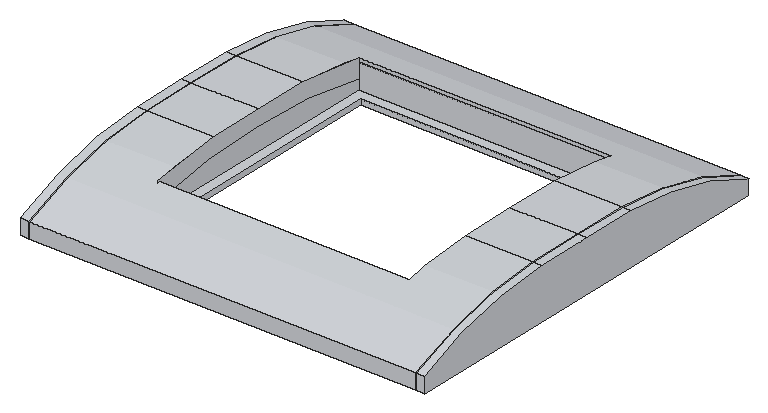
Revit family "Gira_021136", category Electrical Fixtures, host Face, Revit 2017
Family settings
  Host = Face
  Maintain Annotation Orientation = No
  Round Connector Dimension = Use Diameter
  Part Type = Normal
  Cut with Voids When Loaded = No
  Shared = No
  Room Calculation Point = No
Parameters (values of type "Cov.fr. 1-g interm.fr. CAl Gira Event c.alum.")
  With mounting grid = "No"
  With hinged lid = "No"
  URL = "http://katalog.gira.de/en/datenblatt.html?artikelnr=021136"
  Type of fastening = "Clamp mounting"
  Transparent = "No"
  Surface protection = "Other"
  Suitable for wall duct = "No"
  Suitable for flush-mounted installation = "Yes"
  Suitable for floor box = "No"
  Suitable for built-in installation = "No"
  Number of units vertical = "1"
  Number of units horizontal = "1"
  Number of units = "1"
  Name = "Cov.fr. 1-g interm.fr. CAl Gira Event c.alum."
  Mounting direction = "Horizontal and vertical"
  Material quality = "Thermoplastic"
  Material = "Plastic"
  Manufacturer URL = "https://www.gira.de/"
  Manufacturer = "Gira"
  Label space/information surface = "No"
  Keynote = ""
  HeinzeBIM = "https://bimportal.heinze.de/bim/cov-fr-1-g-interm-fr-cal-gira-event-c-alum-/20987029a92f44db51da3f03857a1d379acc9d7b"
  Halogen free = "Yes"
  HAN = "021136"
  GTIN = "4010337211365"
  Description = "Cov.fr.1g i.fr.CAl Event CAl,Gira Event frames,colour aluminium with colour aluminium intermediate frame,1-gang,Features:,- Shatter-proof."
  Degree of protection (IP) = "IP20"
  Default Elevation = 1219.2 mm
  Data sheet (1) = "https://katalog.gira.de/en/download.html?artikelnr=021136"
  Colour = "Aluminium"
  Category = "Cover frame for domestic switching devices"
  BIM (1) = "https://media.stage.bim.site/public/gira/36a6b08/Event_Rahmen_1fach.rfa"
  Available = "No"
Reference planes
  plane 1 "Center (Front/Back)": y = 0
  plane 2: z = 0
  plane 3 "Center (Left/Right)": x = 0
Forms (mm)
  Extrusion 1, solid, detail levels fine
    sketch origin (0, 0, 1.55) x (0, 1, 0) y (0, 0, 1)
      loop
        arc (12.445, 9.683) -> (6.223, 9.833) -> (0, 9.85) r 291.636
        arc (0, 9.85) -> (-6.223, 9.833) -> (-12.445, 9.683) r 291.636
        arc (-12.445, 9.683) -> (-29.14, 7.482) -> (-45, 1.823) r 79.728
        line (-45, 1.823) -> (-45, -1.55) -> (-41.777, -1.55) -> (-41.777, -0.55)
        arc (-41.777, -0.55) -> (-21.205, 4.846) -> (0, 6.467) r 118.15
        arc (0, 6.467) -> (21.205, 4.846) -> (41.777, -0.55) r 118.15
        line (41.777, -0.55) -> (41.777, -1.55) -> (45, -1.55) -> (45, 1.823)
        arc (45, 1.823) -> (29.14, 7.482) -> (12.445, 9.683) r 79.728
    from -43 to 43
  Extrusion 2, void, detail levels fine
    sketch origin (0, 0, 0) x (1, 0, 0) y (0, 1, 0)
      loop
        line (-28, -28) -> (28, -28) -> (28, 28) -> (-28, 28) -> (-28, -28)
    from 2.85 to 12
  Extrusion 3, solid, detail levels coarse
    sketch origin (0, 0, 0) x (1, 0, 0) y (0, 1, 0)
      loop
        line (-45, 45) -> (-45, -45) -> (45, -45) -> (45, 45) -> (-45, 45)
    from 0 to 11.4
  Extrusion 4, solid, detail levels medium
    sketch origin (0, 0, 1.55) x (0, 1, 0) y (0, 0, 1)
      loop
        arc (12.445, 9.683) -> (6.223, 9.833) -> (0, 9.85) r 291.636
        arc (0, 9.85) -> (-6.223, 9.833) -> (-12.445, 9.683) r 291.636
        arc (-12.445, 9.683) -> (-29.14, 7.482) -> (-45, 1.823) r 79.728
        line (-45, 1.823) -> (-45, -1.55) -> (45, -1.55) -> (45, 1.823)
        arc (45, 1.823) -> (29.14, 7.482) -> (12.445, 9.683) r 79.728
    from -45 to 45
  Extrusion 5, solid, detail levels fine
    sketch origin (0, 0, 0) x (0, 1, 0) y (0, 0, 1)
      loop
        arc (45, 3.373) -> (29.14, 9.032) -> (12.445, 11.233) r 79.728
        arc (12.445, 11.233) -> (6.223, 11.383) -> (0, 11.4) r 291.636
        arc (0, 11.4) -> (-6.223, 11.383) -> (-12.445, 11.233) r 291.636
        arc (-12.445, 11.233) -> (-29.14, 9.032) -> (-45, 3.373) r 79.728
        line (-45, 3.373) -> (-45, 0) -> (45, 0) -> (45, 3.373)
    from 43 to 45
  Extrusion 6, solid, detail levels fine
    sketch origin (0, 0, 0) x (0, 1, 0) y (0, 0, -1)
      loop
        line (45, -3.373) -> (45, 0) -> (-45, 0) -> (-45, -3.373)
        arc (-45, -3.373) -> (-29.14, -9.032) -> (-12.445, -11.233) r 79.728
        arc (-12.445, -11.233) -> (-6.223, -11.383) -> (0, -11.4) r 291.636
        arc (0, -11.4) -> (6.223, -11.383) -> (12.445, -11.233) r 291.636
        arc (12.445, -11.233) -> (29.14, -9.032) -> (45, -3.373) r 79.728
    from 43 to 45
  Extrusion 7, solid, detail levels fine
    sketch origin (0, 0, 0) x (1, 0, 0) y (0, 1, 0)
      loop
        line (-25.7, 25.7) -> (-25.7, -25.7) -> (25.7, -25.7) -> (25.7, 25.7) -> (-25.7, 25.7)
      loop
        line (-29.495, 27.895) -> (-29.495, -27.895)
        spline (-29.495, -27.895) -> (-29.486, -28.025) -> (-29.461, -28.154) -> (-29.419, -28.278) -> (-29.361, -28.395) -> (-29.288, -28.504) -> (-29.202, -28.602) -> (-29.104, -28.688) -> (-28.995, -28.761) -> (-28.878, -28.819) -> (-28.754, -28.861) -> (-28.625, -28.886) -> (-28.495, -28.895)
        line (-28.495, -28.895) -> (28.495, -28.895)
        spline (28.495, -28.895) -> (28.625, -28.886) -> (28.754, -28.861) -> (28.878, -28.819) -> (28.995, -28.761) -> (29.104, -28.688) -> (29.202, -28.602) -> (29.288, -28.504) -> (29.361, -28.395) -> (29.419, -28.278) -> (29.461, -28.154) -> (29.486, -28.025) -> (29.495, -27.895)
        line (29.495, -27.895) -> (29.495, 27.895)
        spline (29.495, 27.895) -> (29.486, 28.025) -> (29.461, 28.154) -> (29.419, 28.278) -> (29.361, 28.395) -> (29.288, 28.504) -> (29.202, 28.602) -> (29.104, 28.688) -> (28.995, 28.761) -> (28.878, 28.819) -> (28.754, 28.861) -> (28.625, 28.886) -> (28.495, 28.895)
        line (28.495, 28.895) -> (-28.495, 28.895)
        spline (-28.495, 28.895) -> (-28.625, 28.886) -> (-28.754, 28.861) -> (-28.878, 28.819) -> (-28.995, 28.761) -> (-29.104, 28.688) -> (-29.202, 28.602) -> (-29.288, 28.504) -> (-29.361, 28.395) -> (-29.419, 28.278) -> (-29.461, 28.154) -> (-29.486, 28.025) -> (-29.495, 27.895)
    from 1.673 to 8.5
Cuts and joins
  Extrusion 2 cuts Extrusion 1
  Extrusion 2 cuts Extrusion 7
Dimensions and locks
  aligned and locked: plane 2 to host face
  aligned and locked: level to host face
